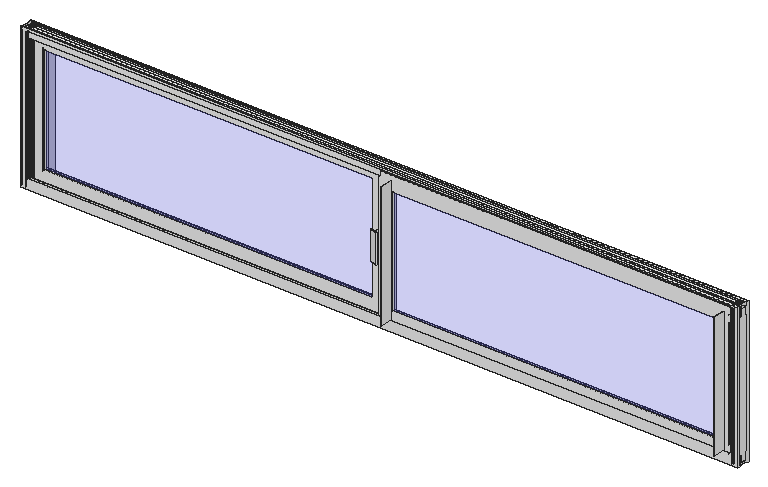
Revit family "WAL_A3-Classic-Horizontal-Slider-3000x600-SW306", category Windows, host Wall, Revit 2016
Family settings
  Host = Wall
  Always vertical = Yes
  Cut with Voids When Loaded = No
  Shared = No
  Room Calculation Point = No
Parameters (values of type "3000 x 600 SW306 Classical Horizontal Slider")
  URL = "www.agi.co.za"
  Model = "Slider"
  Manufacturer Code = "SW306"
  Manufacturer = "AGI Aluminium"
  Height = 600 mm
  Glass Material = Glass
  Frame Material = Metal Aluminium
  Description = "Classic Horizontal Slider"
  Default Sill Height = 800 mm
  Wall Closure = By host
  Width = 3000 mm
  Assembly Code = "B2020110"
Reference planes
  plane 1 "Center": y = 0
  plane 2 "Center (Left/Right)": x = 0
  plane 3 "Left": x = -1500
  plane 4 "Right": x = 1500
  plane 5 "Sill": z = 800
  plane 6 "Head": z = 1400
  plane 7 "Exterior": y = 75
  plane 8 "Interior": y = -75
  plane 9: z = 1100
Forms (mm)
  Sweep 1, solid, material "Metal Aluminium" <- "Frame Material", detail levels medium+fine
    path origin (0, 0, 0) x (1, 0, 0) y (0, 0, 1)
      loop
        line (1500, 1400) -> (-1500, 1400)
    profile "Top Frame : Top Frame" origin (0, 0, 1400) x (0, 0, -1) y (0, -1, 0)
      loop
        line (0, -21) -> (0, -27) -> (40, -27) -> (40, -25) -> (14.96, -25) -> (14.96, -14) -> (40, -14) -> (40, -12) -> (14.96, -12) -> (9.96, -3.34) -> (9.96, 3.34) -> (14.96, 12) -> (40, 12) -> (40, 14) -> (13.805, 14) -> (7.96, 3.876) -> (7.96, 1) -> (5.96, 1) -> (5.96, 27) -> (0, 27) -> (0, 21) -> (2, 21) -> (2, 25) -> (3.96, 25) -> (3.96, -1) -> (7.96, -1) -> (7.96, -3.876) -> (12.96, -12.536) -> (12.96, -25) -> (2, -25) -> (2, -21) -> (0, -21)
  Sweep 2, solid, material "Metal Aluminium" <- "Frame Material", detail levels medium+fine
    path origin (0, 0, 0) x (1, 0, 0) y (0, 0, 1)
      loop
        line (1500, 800) -> (-1500, 800)
    profile "Bottom Frame : Bottom Frame" origin (0, 0, 800) x (0, 0, -1) y (0, -1, 0)
      loop
        line (0, -27) -> (0, -20) -> (-2, -20) -> (-2, -25) -> (-4, -25) -> (-4, 25) -> (-2, 25) -> (-2, 20) -> (0, 20) -> (0, 27) -> (-40, 27) -> (-40, 25) -> (-6, 25) -> (-6, 14) -> (-40, 14) -> (-40, 12) -> (-10, 12) -> (-10, -12) -> (-40, -12) -> (-40, -14) -> (-6, -14) -> (-6, -25) -> (-40, -25) -> (-40, -27) -> (0, -27)
  Sweep 3, solid, material "Metal Aluminium" <- "Frame Material", detail levels medium+fine
    path origin (0, 0, 0) x (1, 0, 0) y (0, 0, 1)
      loop
        line (1500, 1400) -> (1500, 800)
    profile "Side Frame : Side Frame" origin (1500, 0, 1100) x (1, 0, 0) y (0, -1, 0)
      loop
        line (0, -27) -> (0, -21) -> (-2, -21) -> (-2, -25) -> (-4, -25) -> (-4, 24.998) -> (-2, 24.998) -> (-2, 20.998) -> (0, 20.998) -> (0, 26.998) -> (-31, 26.998) -> (-31, 24.998) -> (-29, 24.998) -> (-29, 21.689) -> (-27, 21.689) -> (-27, 24.998) -> (-21.044, 24.998) -> (-21.044, 21.689) -> (-19.044, 21.689) -> (-19.044, 24.998) -> (-6, 24.998) -> (-6, 0.998) -> (-19.044, 0.998) -> (-19.044, 4.487) -> (-21.044, 4.487) -> (-21.044, 0.998) -> (-27, 0.998) -> (-27, 4.487) -> (-29, 4.487) -> (-29, 0.998) -> (-31, 0.998) -> (-31, -1.002) -> (-29, -1.002) -> (-29, -4.915) -> (-27, -4.915) -> (-27, -1.002) -> (-21.044, -1.002) -> (-21.044, -4.915) -> (-19.044, -4.915) -> (-19.044, -1.002) -> (-6, -1.002) -> (-6, -25) -> (-19.044, -25) -> (-19.044, -21.362) -> (-21.044, -21.362) -> (-21.044, -25) -> (-27, -25) -> (-27, -21.362) -> (-29, -21.362) -> (-29, -25) -> (-31, -25) -> (-31, -27) -> (0, -27)
  Sweep 4, solid, material "Metal Aluminium" <- "Frame Material", detail levels medium+fine
    path origin (0, 0, 0) x (1, 0, 0) y (0, 0, 1)
      loop
        line (-1500, 800) -> (-1500, 1400)
    profile "Side Frame : Side Frame" origin (-1500, 0, 1100) x (-1, 0, 0) y (0, -1, 0)
      loop
        line (0, -27) -> (0, -21) -> (-2, -21) -> (-2, -25) -> (-4, -25) -> (-4, 24.998) -> (-2, 24.998) -> (-2, 20.998) -> (0, 20.998) -> (0, 26.998) -> (-31, 26.998) -> (-31, 24.998) -> (-29, 24.998) -> (-29, 21.689) -> (-27, 21.689) -> (-27, 24.998) -> (-21.044, 24.998) -> (-21.044, 21.689) -> (-19.044, 21.689) -> (-19.044, 24.998) -> (-6, 24.998) -> (-6, 0.998) -> (-19.044, 0.998) -> (-19.044, 4.487) -> (-21.044, 4.487) -> (-21.044, 0.998) -> (-27, 0.998) -> (-27, 4.487) -> (-29, 4.487) -> (-29, 0.998) -> (-31, 0.998) -> (-31, -1.002) -> (-29, -1.002) -> (-29, -4.915) -> (-27, -4.915) -> (-27, -1.002) -> (-21.044, -1.002) -> (-21.044, -4.915) -> (-19.044, -4.915) -> (-19.044, -1.002) -> (-6, -1.002) -> (-6, -25) -> (-19.044, -25) -> (-19.044, -21.362) -> (-21.044, -21.362) -> (-21.044, -25) -> (-27, -25) -> (-27, -21.362) -> (-29, -21.362) -> (-29, -25) -> (-31, -25) -> (-31, -27) -> (0, -27)
  Sweep 5, solid, material "Metal Aluminium" <- "Frame Material", detail levels medium+fine
    path origin (0, 0, 0) x (1, 0, 0) y (0, 0, 1)
      loop
        line (0, 800) -> (-1469, 800)
    profile "Bottom slide L : Bottom slide L" origin (-734.5, 0, 800) x (0, 0, -1) y (0, -1, 0)
      loop
        line (-16, -20) -> (-16, -17) -> (-46, -17) -> (-46, -9) -> (-16, -9) -> (-16, -6) -> (-76, -6) -> (-76, -9.523) -> (-66, -9.523) -> (-66, -15.994) -> (-76, -15.994) -> (-76, -20) -> (-16, -20)
  Sweep 6, solid, material "Metal Aluminium" <- "Frame Material", detail levels medium+fine
    path origin (0, 0, 0) x (1, 0, 0) y (0, 0, 1)
      loop
        line (0, 1400) -> (-1469, 1400)
    profile "Top slide L : Top slide L" origin (-734.5, 0, 1400) x (0, 0, -1) y (0, -1, 0)
      loop
        line (16, -20) -> (76, -20) -> (76, -15.994) -> (66, -15.994) -> (66, -9.523) -> (76, -9.523) -> (76, -6) -> (16, -6) -> (16, -9) -> (46, -9) -> (46, -17) -> (16, -17) -> (16, -20)
  Sweep 7, solid, material "Metal Aluminium" <- "Frame Material", detail levels medium+fine
    path origin (0, 0, 0) x (1, 0, 0) y (0, 0, 1)
      loop
        line (-1500, 840) -> (-1500, 1360)
    profile "Side slide L : Side slide L" origin (-1500, 0, 1100) x (-1, 0, 0) y (0, -1, 0)
      loop
        line (-16, -19.998) -> (-16, -16.998) -> (-46, -16.998) -> (-46, -8.998) -> (-16, -8.998) -> (-16, -5.998) -> (-22, -5.998) -> (-22, -1.637) -> (-26, -1.637) -> (-26, -5.998) -> (-76, -5.998) -> (-76, -9.521) -> (-66, -9.521) -> (-66, -15.992) -> (-76, -15.992) -> (-76, -19.998) -> (-66, -19.998) -> (-66, -69.998) -> (-64, -69.998) -> (-64, -19.998) -> (-26, -19.998) -> (-26, -23.79) -> (-22, -23.79) -> (-22, -19.998) -> (-16, -19.998)
  Sweep 8, solid, material "Metal Aluminium" <- "Frame Material", detail levels medium+fine
    path origin (0, 0, 0) x (1, 0, 0) y (0, 0, 1)
      loop
        line (0, 1360) -> (0, 840)
    profile "Mid slide L : Mid slide L" origin (0, 0, 1100) x (1, 0, 0) y (0, -1, 0)
      loop
        line (-43.5, -15.992) -> (-53.5, -15.992) -> (-53.5, -19.998) -> (-43.5, -19.998) -> (-43.5, -69.998) -> (-41.5, -69.998) -> (-41.5, -19.998) -> (6.5, -19.998) -> (6.5, -16.998) -> (-23.5, -16.998) -> (-23.5, -8.998) -> (6.5, -8.998) -> (6.5, 3.5) -> (-3.5, 3.5) -> (-3.5, 0.5) -> (3.5, 0.5) -> (3.5, -5.998) -> (-53.5, -5.998) -> (-53.5, -9.521) -> (-43.5, -9.521) -> (-43.5, -15.992)
  Sweep 9, solid, material "Metal Aluminium" <- "Frame Material", detail levels medium+fine
    path origin (0, 0, 0) x (1, 0, 0) y (0, 0, 1)
      loop
        line (1500, 1360) -> (1500, 840)
    profile "Side slide R : Side slide R" origin (1500, 0, 1100) x (1, 0, 0) y (0, -1, 0)
      loop
        line (-16, 19.998) -> (-22, 19.998) -> (-22, 23.79) -> (-26, 23.79) -> (-26, 19.998) -> (-64, 19.998) -> (-64, 69.998) -> (-66, 69.998) -> (-66, 19.998) -> (-76, 19.998) -> (-76, 15.992) -> (-66, 15.992) -> (-66, 9.521) -> (-76, 9.521) -> (-76, 5.998) -> (-26, 5.998) -> (-26, 1.637) -> (-22, 1.637) -> (-22, 5.998) -> (-16, 5.998) -> (-16, 8.998) -> (-46, 8.998) -> (-46, 16.998) -> (-16, 16.998) -> (-16, 19.998)
  Sweep 10, solid, material "Metal Aluminium" <- "Frame Material", detail levels medium+fine
    path origin (0, 0, 0) x (1, 0, 0) y (0, 0, 1)
      loop
        line (1469, 1400) -> (0, 1400)
    profile "Top slide R : Top slide R" origin (734.5, 0, 1400) x (0, 0, -1) y (0, -1, 0)
      loop
        line (16, 20) -> (16, 17) -> (46, 17) -> (46, 9) -> (16, 9) -> (16, 6) -> (76, 6) -> (76, 9.523) -> (66, 9.523) -> (66, 15.994) -> (76, 15.994) -> (76, 20) -> (16, 20)
  Sweep 11, solid, material "Metal Aluminium" <- "Frame Material", detail levels medium+fine
    path origin (0, 0, 0) x (1, 0, 0) y (0, 0, 1)
      loop
        line (1469, 800) -> (0, 800)
    profile "Bottom slide R : Bottom slide R" origin (734.5, 0, 800) x (0, 0, -1) y (0, -1, 0)
      loop
        line (-16, 20) -> (-76, 20) -> (-76, 15.994) -> (-66, 15.994) -> (-66, 9.523) -> (-76, 9.523) -> (-76, 6) -> (-16, 6) -> (-16, 9) -> (-46, 9) -> (-46, 17) -> (-16, 17) -> (-16, 20)
  Sweep 12, solid, material "Metal Aluminium" <- "Frame Material", detail levels medium+fine
    path origin (0, 0, 0) x (1, 0, 0) y (0, 0, 1)
      loop
        line (0, 1360) -> (0, 840)
    profile "Mid slide R : Mid slide R" origin (0, 0, 1100) x (1, 0, 0) y (0, -1, 0)
      loop
        line (43.5, 15.992) -> (53.5, 15.992) -> (53.5, 19.998) -> (43.5, 19.998) -> (43.5, 69.998) -> (41.5, 69.998) -> (41.5, 19.998) -> (-6.5, 19.998) -> (-6.5, 16.998) -> (23.5, 16.998) -> (23.5, 8.998) -> (-6.5, 8.998) -> (-6.5, -3.5) -> (3.5, -3.5) -> (3.5, -0.5) -> (-3.5, -0.5) -> (-3.5, 5.998) -> (53.5, 5.998) -> (53.5, 9.521) -> (43.5, 9.521) -> (43.5, 15.992)
  Sweep 13, solid, material "Metal Aluminium" <- "Frame Material", detail levels medium+fine
    path origin (0, 0, 0) x (1, 0, 0) y (0, 0, 1)
      loop
        line (0, 1160) -> (0, 1040)
    profile "Handle : Handle" origin (0, 0, 1100) x (1, 0, 0) y (0, -1, 0)
      loop
        line (-8.5, -4.993) -> (-8.5, 10.998) -> (21.5, 10.998) -> (21.5, 14.998) -> (-8.529, 14.998) -> (-12.187, 35.744) -> (0, 40.18) -> (-0.702, 42.108) -> (-30.363, 31.312) -> (-29.679, 29.433) -> (-14.105, 35.101) -> (-10.5, 14.658) -> (-10.5, -4.993) -> (-8.5, -4.993)
  Extrusion 14, solid, material "Glass" <- "Glass Material", detail levels medium+fine
    sketch origin (0, 0, 0) x (1, 0, 0) y (0, 1, 0)
      loop
        line (-1434, 15.994) -> (-1434, 9.523) -> (-43.5, 9.523) -> (-43.5, 15.994) -> (-1434, 15.994)
    from 866 to 1334
  Extrusion 15, solid, material "Glass" <- "Glass Material", detail levels medium+fine
    sketch origin (0, 0, 0) x (1, 0, 0) y (0, 1, 0)
      loop
        line (43.5, -9.521) -> (43.5, -15.992) -> (1434, -15.992) -> (1434, -9.521) -> (43.5, -9.521)
    from 866 to 1334
Cuts and joins
  joined: Sweep 1, Sweep 2, Sweep 3, Sweep 4
  joined: Sweep 5, Sweep 6, Sweep 7, Sweep 8
  joined: Sweep 9, Sweep 10, Sweep 11, Sweep 12
Lines and regions (mm)
  Opening 1
    outline origin (3500, -75, 0) x (1, 0, 0) y (0, 0, 1)
      loop
        line (-2000, 800) -> (-2000, 1400) -> (-5000, 1400) -> (-5000, 800) -> (-2000, 800)
  symbolic lines
    curve 1: line (371.701, 0, 1213.235) -> (371.701, 0, 1030.52)
    curve 2: line (371.701, 0, 1213.235) -> (280.344, 0, 1121.877)
    curve 3: line (371.701, 0, 1030.52) -> (280.344, 0, 1121.877)
    curve 4: line (-366.299, 0, 1213.235) -> (-366.299, 0, 1030.52)
    curve 5: line (-366.299, 0, 1213.235) -> (-274.942, 0, 1121.877)
    curve 6: line (-366.299, 0, 1030.52) -> (-274.942, 0, 1121.877)
Text (mm)
  text "EXTERIOR" at (-1963.203, 1332.353, 0), in view "Ref. Level"
  text "INTERIOR" at (-1981.466, -818.386, 0), in view "Ref. Level"
  text "Exterior" at (0, 923.751, 2943.296), in view "Right"
  text "Exterior" at (0, 1040.484, 2685.409), in view "Left"
Dimensions and locks
  equal spacing: plane 3 "Left", plane 2 "Center (Left/Right)", plane 4 "Right"
  "Width": plane 3 "Left" to plane 4 "Right"
  "Height": plane 5 "Sill" to plane 6 "Head"
  "Default Sill Height": plane 5 "Sill" to level
  locked: plane 7 "Exterior" to host wall at 0
  locked: plane 8 "Interior" to host wall
  equal spacing: plane 6 "Head", plane 9, plane 5 "Sill"
  equal spacing: Sweep 13 sketch curve, plane 9, Sweep 13 sketch curve
  locked: Sweep 13 sketch curve to Sweep 13 sketch curve at 120
  aligned and locked: Extrusion 14 sketch curve to cut or joined group of Sweep 5, Sweep 6, Sweep 7, Sweep 8
  aligned and locked: cut or joined group of Sweep 5, Sweep 6, Sweep 7, Sweep 8 to Extrusion 14 sketch curve  (x3)
  aligned and locked: Extrusion 14 to cut or joined group of Sweep 5, Sweep 6, Sweep 7, Sweep 8  (x2)
  aligned and locked: Extrusion 15 sketch curve to cut or joined group of Sweep 9, Sweep 10, Sweep 11, Sweep 12  (x2)
  aligned and locked: cut or joined group of Sweep 9, Sweep 10, Sweep 11, Sweep 12 to Extrusion 15 sketch curve  (x2)
  aligned and locked: Extrusion 15 to cut or joined group of Sweep 9, Sweep 10, Sweep 11, Sweep 12  (x2)
  aligned and locked: plane 2 "Center (Left/Right)" to Sweep 5 sketch curve
  aligned and locked: Sweep 5 sketch curve to cut or joined group of Sweep 1, Sweep 2, Sweep 3, Sweep 4
Automatic sketch dimensions
  Opening 1 sketch curve to plane 3 "Left" = 0 mm
  Opening 1 sketch curve to plane 4 "Right" = 0 mm
  Opening 1 sketch curve to plane 5 "Sill" = 0 mm
  Opening 1 sketch curve to plane 6 "Head" = 0 mm
  Sweep 1 sketch curve to plane 3 "Left" = 0 mm
  plane 4 "Right" to Sweep 1 sketch curve = 0 mm
  plane 6 "Head" to Sweep 1 sketch curve = 0 mm
  Sweep 2 sketch curve to plane 3 "Left" = 0 mm
  plane 4 "Right" to Sweep 2 sketch curve = 0 mm
  Sweep 2 sketch curve to plane 5 "Sill" = 0 mm
  plane 4 "Right" to Sweep 3 sketch curve = 0 mm
  Sweep 3 sketch curve to plane 5 "Sill" = 0 mm
  plane 6 "Head" to Sweep 3 sketch curve = 0 mm
  Sweep 4 sketch curve to plane 3 "Left" = 0 mm
  Sweep 4 sketch curve to plane 5 "Sill" = 0 mm
  plane 6 "Head" to Sweep 4 sketch curve = 0 mm
  Sweep 5 sketch curve to plane 5 "Sill" = 0 mm
  Sweep 6 sketch curve to plane 2 "Center (Left/Right)" = 0 mm
  Sweep 6 sketch curve to plane 3 "Left" = 31 mm
  plane 6 "Head" to Sweep 6 sketch curve = 0 mm
  Sweep 7 sketch curve to plane 3 "Left" = 0 mm
  Sweep 7 sketch curve to plane 5 "Sill" = 40 mm
  plane 6 "Head" to Sweep 7 sketch curve = 40 mm
  Sweep 8 sketch curve to plane 2 "Center (Left/Right)" = 0 mm
  Sweep 8 sketch curve to plane 5 "Sill" = 40 mm
  plane 6 "Head" to Sweep 8 sketch curve = 40 mm
  plane 4 "Right" to Sweep 9 sketch curve = 0 mm
  Sweep 9 sketch curve to plane 5 "Sill" = 40 mm
  plane 6 "Head" to Sweep 9 sketch curve = 40 mm
  plane 2 "Center (Left/Right)" to Sweep 10 sketch curve = 0 mm
  plane 4 "Right" to Sweep 10 sketch curve = 31 mm
  plane 6 "Head" to Sweep 10 sketch curve = 0 mm
  plane 2 "Center (Left/Right)" to Sweep 11 sketch curve = 0 mm
  plane 4 "Right" to Sweep 11 sketch curve = 31 mm
  Sweep 11 sketch curve to plane 5 "Sill" = 0 mm
  plane 2 "Center (Left/Right)" to Sweep 12 sketch curve = 0 mm
  Sweep 12 sketch curve to plane 5 "Sill" = 40 mm
  plane 6 "Head" to Sweep 12 sketch curve = 40 mm
  plane 2 "Center (Left/Right)" to Sweep 13 sketch curve = 0 mm
  plane 9 to curve 3 = 21.877 mm
  plane 9 to curve 5 = 21.877 mm
  curve 1 to plane 9 = 69.48 mm
  curve 6 to plane 9 = 69.48 mm
  curve 6 to plane 2 "Center (Left/Right)" = 366.299 mm
  curve 6 to curve 5 = 91.357 mm
  plane 2 "Center (Left/Right)" to curve 2 = 280.344 mm
  curve 2 to curve 1 = 91.357 mm
